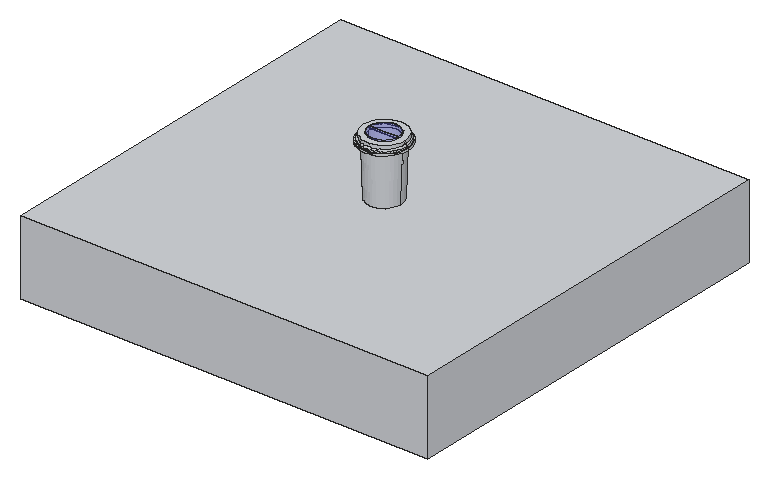
Revit family "Alcon-9044-Revit-Family", category Luminarias, Revit 2025
Family settings
  Anfitrión = Cara
  Cota de conector redondo = Usar diámetro
  Tipo de pieza = Normal
  Corte con vacíos al cargar = No
  Origen de luz = Sí
  Mantener orientación de anotación = No
  Compartido = No
  Punto de cálculo de habitación = No
Parameters
  Tilt Angle = 60.00°
  built-in parameter 1010506 = 0.5236 (stored number, unit not read)
  built-in parameter 1010507 = 1.5708 (stored number, unit not read)
  Wattage = 9.2903 W
  URL = "https://www.alconlighting.com/alcon-sfizio-9044.html"
  built-in parameter 1150107 = 3200 (stored number, unit not read)
  TOP FINISH = none
  built-in parameter 1150110 = 1 (stored number, unit not read)
  built-in parameter 1150109 = 1 (stored number, unit not read)
  built-in parameter 1150112 = 1 (stored number, unit not read)
  built-in parameter 1150113 = 1 (stored number, unit not read)
  built-in parameter 1114218 = 1 (stored number, unit not read)
  Product Page = "https://www.alconlighting.com/alcon-sfizio-9044.html"
  Product Data URL = "https://www.alconlighting.com/alcon-sfizio-9044.html"
  built-in parameter 1150137 = (empty or 0)
  built-in parameter 1150132 = (empty or 0)
  Modelo = "Alcon Lighting 9044"
  Longitud de símbolo de origen de luz = 10' - 0"
  Link to IES File = "https://www.alconlighting.com/alcon-sfizio-9044.html"
  LENS GLASS = Glass
  built-in parameter 1150105 = 4614.1 (stored number, unit not read)
  built-in parameter 1150102 = (empty or 0)
  built-in parameter 1150106 = 46.141 (stored number, unit not read)
  Lumens = 1380 lm
  Color Filter = 16777215
  built-in parameter 1114217 = 1 (stored number, unit not read)
  built-in parameter 1150139 = (empty or 0)
  Fabricante = "Alcon Lighting"
  Default Elevation = 4' - 0"
  built-in parameter 1150104 = 13.8 (stored number, unit not read)
  built-in parameter 1150115 = 1 (stored number, unit not read)
  built-in parameter 1150114 = 1 (stored number, unit not read)
  built-in parameter 1150138 = (empty or 0)
  built-in parameter 1150134 = 3
  Dimming Lamp Color Temperature Shift = (empty or 0)
  built-in parameter 1150133 = 10 (stored number, unit not read)
Reference planes (in)
  plane 1 "Center (Front/Back)": y = 0
  plane 2: z = 0
  plane 3 "Center (Left/Right)": x = 0
Forms (in)
  Extrusion 1, solid
    sketch origin (0, 0, 0) x (1, 0, 0) y (0, 1, 0)
      loop
        line (-33, 32.41633) -> (-33, -32.40783) -> (32.98586, -32.40783) -> (32.98586, 32.41633) -> (-33, 32.41633)
    from 0 to -12
  Revolve 2, solid
    sketch origin (-111.80258, 0, 0) x (1, 0, 0) y (0, 0, 1)
      loop
        line (115.328, 8.2655) -> (115.67051, 8.2655) -> (115.67051, 8.5) -> (115.39687, 8.5) -> (115.39687, 8.72611)
        arc (115.39687, 8.72611) -> (115.34496, 8.87593) -> (115.22193, 8.97596) r 0.28962
        line (115.22193, 8.97596) -> (114.50213, 8.97596) -> (114.30228, 3.2532)
        arc (114.30228, 3.2532) -> (113.97594, 2.92686) -> (113.53015, 2.80741) r 0.89158
        line (113.53015, 2.80741) -> (111.79551, 2.80741) -> (111.79551, 0) -> (114.48551, 0) -> (114.76068, 7.88002)
        arc (114.76068, 7.88002) -> (114.92067, 7.94793) -> (114.95977, 8.11728) r 0.19143
        line (114.95977, 8.11728) -> (115.328, 8.11728) -> (115.328, 8.2655)
      axis (111.79551, 8.97596) -> (111.79551, 0)
    angle from 0 to 360
  Extrusion 3, solid, material <- "TOP FINISH"
    sketch origin (-144.46778, -11.0615, 0) x (1, 0, 0) y (0, 1, 0)
      loop
        circle (144.46071, 11.0615) r 3.375
      loop
        circle (144.46071, 11.0615) r 2.44
    from 8.97596 to 9.51238
  Revolve 4, solid, material "Glass" <- "LENS GLASS"
    sketch origin (-111.80258, 0, 0) x (1, 0, 0) y (0, 0, 1)
      loop
        line (111.79551, 9.35011) -> (114.23119, 9.35011) -> (114.23119, 9.50707)
        arc (114.23119, 9.50707) -> (114.19458, 9.59545) -> (114.10619, 9.63207) r 0.125
        line (114.10619, 9.63207) -> (111.79551, 9.63207) -> (111.79551, 9.35011)
      axis (111.79551, 9.35011) -> (111.79551, 9.63207)
    angle from 0 to 360
Dimensions and locks (in)
  aligned and locked: plane 2 to Extrusion 1
  aligned and locked: level to Extrusion 1
